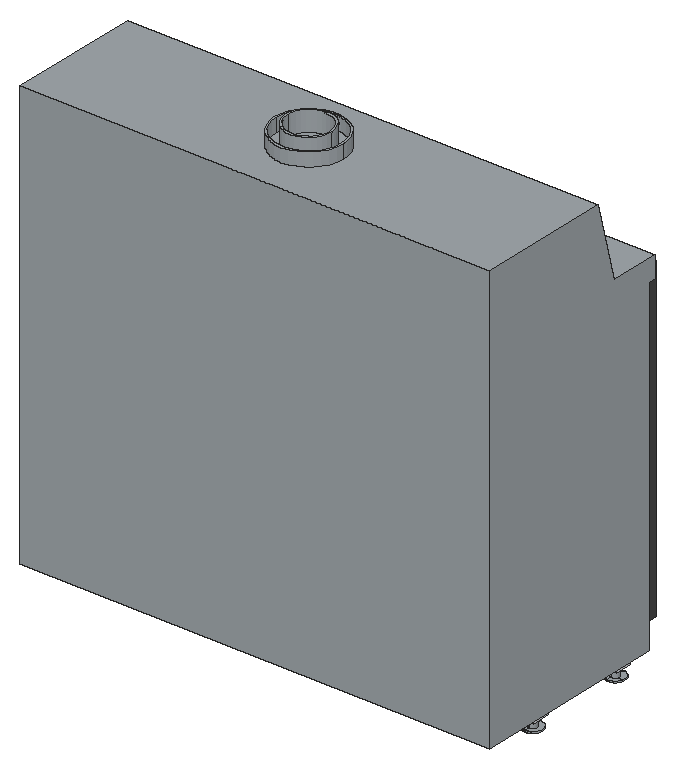
Revit family "METALFIRE_AVENUE_L_MF_GHE_1S", category Mechanical Equipment, host Wall, Revit 2017
Family settings
  Host = Wall
  Round Connector Dimension = Use Diameter
  Part Type = Normal
  OmniClass Number = 23.75.00.00
  OmniClass Title = Climate Control (HVAC)
  Always vertical = Yes
  Cut with Voids When Loaded = No
  Shared = No
  Room Calculation Point = Yes
Parameters (values of type "1300 x 950 mm")
  WIDTH = 1300 mm
  WEIGHT = 180.00 kg
  URL = "https://www.metalfire.eu"
  TECHNICAL SHEET = "https://www.metalfire.eu/en/products/gas-fireplaces/avenue"
  SMOKE EXHAUST = "Ø130/200 mm"
  PRODUCT SHEET = "https://www.archiproducts.com/en/products/metalfire/gas-closed-fireplace-avenue-gas-fireplace_457058"
  PRODUCT CODE = "L MF 1300-95 GHE 1S"
  OVERALL WIDTH = 1500 mm
  OVERALL HEIGHT = 1450 mm
  OVERALL DEPTH = 625 mm
  OUTPUT = 11.4 kW
  Model = "Avenue L"
  Manufacturer = "Metalfire"
  MATERIAL DESCRIPTION = "Iron, galvanized steel and vermiculite plates"
  HEIGHT = 950 mm
  FRAME MATERIAL = Iron - Metalfire
  FINISHING MATERIAL = Black painted vermiculite plates - Metalfire
  ENERGY EFFICIENCY CLASS = "B"
  EFFICIENCY = 80.00%
  Description = "The Avenue represents the gas-fired high efficiency closed fireplaces in the Metalfire range."
  BIM USER MANUAL = "https://img.edilportale.com/bim/METALFIRE-BIM-USER-MANUAL-Metalfire-bim.pdf"
  BIM BADGE = "https://bim.archiproducts.com/en/badge/bim-archiproducts-featured_658700/about"
  BIM AUTHOR = "https://bim.archiproducts.com"
Reference planes
  plane 1 "Wall": y = 0
  plane 2 "Center (Left/Right)": x = 0
  plane 3 "Back": y = 400
  plane 4: x = 650
  plane 5: x = -650
  plane 6: z = 121
  plane 7: z = 1071
Forms (mm)
  Extrusion 1, void
    sketch origin (0, 400, 0) x (1, 0, 0) y (0, 0, 1)
      loop
        line (660, 111) -> (660, 1081) -> (-660, 1081) -> (-660, 111) -> (660, 111)
    from 0 to 70
  Extrusion 2, solid, material "Iron - Metalfire" <- "FRAME MATERIAL", detail levels fine
    sketch origin (0, 381.083, 0) x (-1, 0, 0) y (0, -1, 0)
      loop
        circle (0, 472.299) r 100
      loop
        circle (0, 472.299) r 105
    from 1378 to 1418.8
  Extrusion 3, solid, material "Black painted vermiculite plates - Metalfire" <- "FINISHING MATERIAL", detail levels medium+fine
    sketch origin (1538.26, 300, 0) x (-1, 0, 0) y (0, 0, 1)
      loop
        line (878.26, 111) -> (2198.26, 111) -> (2198.26, 1081) -> (878.26, 1081) -> (878.26, 111)
      loop
        line (888.26, 121) -> (2188.26, 121) -> (2188.26, 1071) -> (888.26, 1071) -> (888.26, 121)
    from 100 to -435
  Extrusion 4, solid, material "Iron - Metalfire" <- "FRAME MATERIAL", detail levels fine
    sketch origin (0, 300, 0) x (0, -1, 0) y (0, 0, -1)
      loop
        line (-30, -1081) -> (-30, -1145) -> (125, -1145) -> (187.432, -1378) -> (595, -1378) -> (595, -78) -> (-7, -78) -> (-7, -1081) -> (-30, -1081)
    from 660 to 714
  Extrusion 5, solid, material "Clear Glass - Metalfire", detail levels medium+fine
    sketch origin (0, 300, 0) x (-1, 0, 0) y (0, 0, 1)
      loop
        line (-650, 121) -> (650, 121) -> (650, 1071) -> (-650, 1071) -> (-650, 121)
    from 2 to 7
  Extrusion 6, solid, material "Black painted vermiculite plates - Metalfire" <- "FINISHING MATERIAL", detail levels medium+fine
    sketch origin (0, 478, 0) x (-1, 0, 0) y (0, 0, 1)
      loop
        line (-650, 121) -> (650, 121) -> (650, 1071) -> (-650, 1071) -> (-650, 121)
    from -613 to -600
  Extrusion 7, solid, material "Iron - Metalfire" <- "FRAME MATERIAL", detail levels fine
    sketch origin (0, 381.083, 0) x (-1, 0, 0) y (0, -1, 0)
      loop
        circle (0, 472.299) r 65
      loop
        circle (0, 472.299) r 70
    from 1378 to 1438.8
  Revolve 8, solid, material "Iron - Metalfire" <- "FRAME MATERIAL", detail levels fine
    sketch origin (-641, -444.43, 1200) x (0, -1, 0) y (0, 0, 1)
      loop
        line (-714.93, -1200) -> (-684.93, -1200) -> (-684.93, -1197) -> (-702.93, -1197) -> (-702.93, -1184) -> (-706.93, -1184) -> (-706.93, -1122) -> (-714.93, -1122) -> (-714.93, -1200)
      axis (-714.93, -1122) -> (-714.93, -1200)
    angle from 0 to 360
  Revolve 9, solid, material "Iron - Metalfire" <- "FRAME MATERIAL", detail levels fine
    sketch origin (-641, -130.93, 1200) x (0, -1, 0) y (0, 0, 1)
      loop
        line (-87.93, -1200) -> (-57.93, -1200) -> (-57.93, -1197) -> (-75.93, -1197) -> (-75.93, -1184) -> (-79.93, -1184) -> (-79.93, -1122) -> (-87.93, -1122) -> (-87.93, -1200)
      axis (-87.93, -1122) -> (-87.93, -1200)
    angle from 0 to 360
  Revolve 10, solid, material "Iron - Metalfire" <- "FRAME MATERIAL", detail levels fine
    sketch origin (-641, -444.43, 1200) x (0, -1, 0) y (0, 0, 1)
      loop
        line (-714.93, -1200) -> (-684.93, -1200) -> (-684.93, -1197) -> (-702.93, -1197) -> (-702.93, -1184) -> (-706.93, -1184) -> (-706.93, -1122) -> (-714.93, -1122) -> (-714.93, -1200)
      axis (-714.93, -1122) -> (-714.93, -1200)
    angle from 0 to 360
  Revolve 11, solid, material "Iron - Metalfire" <- "FRAME MATERIAL", detail levels fine
    sketch origin (-641, -130.93, 1200) x (0, -1, 0) y (0, 0, 1)
      loop
        line (-87.93, -1200) -> (-57.93, -1200) -> (-57.93, -1197) -> (-75.93, -1197) -> (-75.93, -1184) -> (-79.93, -1184) -> (-79.93, -1122) -> (-87.93, -1122) -> (-87.93, -1200)
      axis (-87.93, -1122) -> (-87.93, -1200)
    angle from 0 to 360
  Extrusion 12, solid, detail levels fine
    sketch origin (-162, -200, 0) x (-1, 0, 0) y (0, 0, 1)
      loop
        line (457, 78) -> (454, 78) -> (454, 29.8) -> (504, 29.8) -> (504, 78) -> (501, 78) -> (501, 32.8) -> (457, 32.8) -> (457, 78)
    from 131 to 183
  Extrusion 13, solid, detail levels fine
    sketch origin (-162, 361, 0) x (-1, 0, 0) y (0, 0, -1)
      loop
        line (457, -78) -> (457, -32.8) -> (501, -32.8) -> (501, -78) -> (504, -78) -> (504, -29.8) -> (454, -29.8) -> (454, -78) -> (457, -78)
    from 64.5 to 116.5
  Revolve 14, solid, material "Iron - Metalfire" <- "FRAME MATERIAL", detail levels fine
    sketch origin (641, -444.43, 1200) x (0, -1, 0) y (0, 0, -1)
      loop
        line (-714.93, 1200) -> (-714.93, 1122) -> (-706.93, 1122) -> (-706.93, 1184) -> (-702.93, 1184) -> (-702.93, 1197) -> (-684.93, 1197) -> (-684.93, 1200) -> (-714.93, 1200)
      axis (-714.93, 1122) -> (-714.93, 1200)
    angle from 0 to 360
  Revolve 15, solid, material "Iron - Metalfire" <- "FRAME MATERIAL", detail levels fine
    sketch origin (641, -130.93, 1200) x (0, -1, 0) y (0, 0, -1)
      loop
        line (-87.93, 1200) -> (-87.93, 1122) -> (-79.93, 1122) -> (-79.93, 1184) -> (-75.93, 1184) -> (-75.93, 1197) -> (-57.93, 1197) -> (-57.93, 1200) -> (-87.93, 1200)
      axis (-87.93, 1122) -> (-87.93, 1200)
    angle from 0 to 360
  Revolve 16, solid, material "Iron - Metalfire" <- "FRAME MATERIAL", detail levels fine
    sketch origin (641, -444.43, 1200) x (0, -1, 0) y (0, 0, -1)
      loop
        line (-714.93, 1200) -> (-714.93, 1122) -> (-706.93, 1122) -> (-706.93, 1184) -> (-702.93, 1184) -> (-702.93, 1197) -> (-684.93, 1197) -> (-684.93, 1200) -> (-714.93, 1200)
      axis (-714.93, 1122) -> (-714.93, 1200)
    angle from 0 to 360
  Revolve 17, solid, material "Iron - Metalfire" <- "FRAME MATERIAL", detail levels fine
    sketch origin (641, -130.93, 1200) x (0, -1, 0) y (0, 0, -1)
      loop
        line (-87.93, 1200) -> (-87.93, 1122) -> (-79.93, 1122) -> (-79.93, 1184) -> (-75.93, 1184) -> (-75.93, 1197) -> (-57.93, 1197) -> (-57.93, 1200) -> (-87.93, 1200)
      axis (-87.93, 1122) -> (-87.93, 1200)
    angle from 0 to 360
  Extrusion 18, solid, detail levels fine
    sketch origin (162, -200, 0) x (1, 0, 0) y (0, 0, -1)
      loop
        line (457, -78) -> (457, -32.8) -> (501, -32.8) -> (501, -78) -> (504, -78) -> (504, -29.8) -> (454, -29.8) -> (454, -78) -> (457, -78)
    from 131 to 183
  Extrusion 19, solid, detail levels fine
    sketch origin (162, 361, 0) x (1, 0, 0) y (0, 0, 1)
      loop
        line (457, 78) -> (454, 78) -> (454, 29.8) -> (504, 29.8) -> (504, 78) -> (501, 78) -> (501, 32.8) -> (457, 32.8) -> (457, 78)
    from 64.5 to 116.5
  Revolve 20, solid, material "Iron - Metalfire" <- "FRAME MATERIAL", not visible, detail levels fine
    sketch origin (-435, -544.43, 1200) x (0, -1, 0) y (0, 0, 1)
      loop
        line (-714.93, -1200) -> (-684.93, -1200) -> (-684.93, -1197) -> (-702.93, -1197) -> (-702.93, -1184) -> (-706.93, -1184) -> (-706.93, -1122) -> (-714.93, -1122) -> (-714.93, -1200)
      axis (-714.93, -1122) -> (-714.93, -1200)
    angle from 0 to 360
  Revolve 21, solid, material "Iron - Metalfire" <- "FRAME MATERIAL", not visible, detail levels fine
    sketch origin (-435, -230.93, 1200) x (0, -1, 0) y (0, 0, 1)
      loop
        line (-87.93, -1200) -> (-57.93, -1200) -> (-57.93, -1197) -> (-75.93, -1197) -> (-75.93, -1184) -> (-79.93, -1184) -> (-79.93, -1122) -> (-87.93, -1122) -> (-87.93, -1200)
      axis (-87.93, -1122) -> (-87.93, -1200)
    angle from 0 to 360
  Revolve 22, solid, material "Iron - Metalfire" <- "FRAME MATERIAL", not visible, detail levels fine
    sketch origin (-435, -544.43, 1200) x (0, -1, 0) y (0, 0, 1)
      loop
        line (-714.93, -1200) -> (-684.93, -1200) -> (-684.93, -1197) -> (-702.93, -1197) -> (-702.93, -1184) -> (-706.93, -1184) -> (-706.93, -1122) -> (-714.93, -1122) -> (-714.93, -1200)
      axis (-714.93, -1122) -> (-714.93, -1200)
    angle from 0 to 360
  Revolve 23, solid, material "Iron - Metalfire" <- "FRAME MATERIAL", not visible, detail levels fine
    sketch origin (-435, -230.93, 1200) x (0, -1, 0) y (0, 0, 1)
      loop
        line (-87.93, -1200) -> (-57.93, -1200) -> (-57.93, -1197) -> (-75.93, -1197) -> (-75.93, -1184) -> (-79.93, -1184) -> (-79.93, -1122) -> (-87.93, -1122) -> (-87.93, -1200)
      axis (-87.93, -1122) -> (-87.93, -1200)
    angle from 0 to 360
  Extrusion 24, solid, not visible, detail levels fine
    sketch origin (44, -300, 0) x (-1, 0, 0) y (0, 0, 1)
      loop
        line (457, 78) -> (454, 78) -> (454, 29.8) -> (504, 29.8) -> (504, 78) -> (501, 78) -> (501, 32.8) -> (457, 32.8) -> (457, 78)
    from 131 to 183
  Extrusion 25, solid, not visible, detail levels fine
    sketch origin (44, 261, 0) x (-1, 0, 0) y (0, 0, -1)
      loop
        line (457, -78) -> (457, -32.8) -> (501, -32.8) -> (501, -78) -> (504, -78) -> (504, -29.8) -> (454, -29.8) -> (454, -78) -> (457, -78)
    from 64.5 to 116.5
  Revolve 26, solid, material "Iron - Metalfire" <- "FRAME MATERIAL", not visible, detail levels fine
    sketch origin (447, -544.43, 1200) x (0, -1, 0) y (0, 0, -1)
      loop
        line (-714.93, 1200) -> (-714.93, 1122) -> (-706.93, 1122) -> (-706.93, 1184) -> (-702.93, 1184) -> (-702.93, 1197) -> (-684.93, 1197) -> (-684.93, 1200) -> (-714.93, 1200)
      axis (-714.93, 1122) -> (-714.93, 1200)
    angle from 0 to 360
  Revolve 27, solid, material "Iron - Metalfire" <- "FRAME MATERIAL", not visible, detail levels fine
    sketch origin (447, -230.93, 1200) x (0, -1, 0) y (0, 0, -1)
      loop
        line (-87.93, 1200) -> (-87.93, 1122) -> (-79.93, 1122) -> (-79.93, 1184) -> (-75.93, 1184) -> (-75.93, 1197) -> (-57.93, 1197) -> (-57.93, 1200) -> (-87.93, 1200)
      axis (-87.93, 1122) -> (-87.93, 1200)
    angle from 0 to 360
  Revolve 28, solid, material "Iron - Metalfire" <- "FRAME MATERIAL", not visible, detail levels fine
    sketch origin (447, -544.43, 1200) x (0, -1, 0) y (0, 0, -1)
      loop
        line (-714.93, 1200) -> (-714.93, 1122) -> (-706.93, 1122) -> (-706.93, 1184) -> (-702.93, 1184) -> (-702.93, 1197) -> (-684.93, 1197) -> (-684.93, 1200) -> (-714.93, 1200)
      axis (-714.93, 1122) -> (-714.93, 1200)
    angle from 0 to 360
  Revolve 29, solid, material "Iron - Metalfire" <- "FRAME MATERIAL", not visible, detail levels fine
    sketch origin (447, -230.93, 1200) x (0, -1, 0) y (0, 0, -1)
      loop
        line (-87.93, 1200) -> (-87.93, 1122) -> (-79.93, 1122) -> (-79.93, 1184) -> (-75.93, 1184) -> (-75.93, 1197) -> (-57.93, 1197) -> (-57.93, 1200) -> (-87.93, 1200)
      axis (-87.93, 1122) -> (-87.93, 1200)
    angle from 0 to 360
  Extrusion 30, solid, not visible, detail levels fine
    sketch origin (-32, -300, 0) x (1, 0, 0) y (0, 0, -1)
      loop
        line (457, -78) -> (457, -32.8) -> (501, -32.8) -> (501, -78) -> (504, -78) -> (504, -29.8) -> (454, -29.8) -> (454, -78) -> (457, -78)
    from 131 to 183
  Extrusion 31, solid, not visible, detail levels fine
    sketch origin (-32, 261, 0) x (1, 0, 0) y (0, 0, 1)
      loop
        line (457, 78) -> (454, 78) -> (454, 29.8) -> (504, 29.8) -> (504, 78) -> (501, 78) -> (501, 32.8) -> (457, 32.8) -> (457, 78)
    from 64.5 to 116.5
  Extrusion 32, void
    sketch origin (0, 0, 0) x (0, 1, 0) y (0, 0, 1)
      loop
        line (-295, 1418.8) -> (-295, 0) -> (330, 0) -> (330, 1418.8) -> (-295, 1418.8)
    from -714 to 714
  Extrusion 33, solid, material "Iron - Metalfire" <- "FRAME MATERIAL", detail levels fine
    sketch origin (0, 300, 0) x (0, -1, 0) y (0, 0, 1)
      loop
        line (-30, 1081) -> (-7, 1081) -> (-7, 78) -> (595, 78) -> (595, 1378) -> (187.432, 1378) -> (125, 1145) -> (-30, 1145) -> (-30, 1081)
    from 660 to 714
  Extrusion 34, solid, material "Iron - Metalfire" <- "FRAME MATERIAL", detail levels fine
    sketch origin (0, 0, 0) x (0, 1, 0) y (0, 0, 1)
      loop
        line (112.568, 1378) -> (-295, 1378) -> (-295, 78) -> (307, 78) -> (307, 111) -> (-135, 111) -> (-135, 1081) -> (330, 1081) -> (330, 1145) -> (175, 1145) -> (112.568, 1378)
    from -660 to 660
Cuts and joins
  joined: Extrusion 4, Extrusion 33, Extrusion 34
Text (mm)
  text "Placement side" at (-1820.995, 1116.779, 0), in view "Ref. Level"
  text "Placement side" at (0, 1334.055, 2976.191), in view "Left"
  text "Placement side" at (0, 439.194, 2944.362), in view "Right"
Dimensions and locks
  locked: plane 3 "Back" to host wall
  equal spacing: plane 5, plane 2 "Center (Left/Right)", plane 4
  "WIDTH": plane 5 to plane 4
  locked: level to plane 6 at 121
  "HEIGHT": plane 6 to plane 7
  plane 7 to Extrusion 2 = 347.8 mm
  locked: Extrusion 4 sketch curve to plane 7 at 10
  locked: Extrusion 19 to plane 4 at 16
  locked: plane 5 to Extrusion 13 at 16
  Extrusion 3 to plane 3 "Back" = 535 mm
  Extrusion 6 to Extrusion 6 to Extrusion 5 to Extrusion 5 to plane 3 "Back" = 13 mm, 424 mm, 5 mm locked, 93 mm
  locked: Extrusion 13 to plane 3 "Back" at 103.5
  locked: Extrusion 19 to plane 3 "Back" at 103.5
  locked: Extrusion 4 to plane 4 at 64
  locked: Extrusion 2 sketch curve to plane 3 "Back" at 491.216
  locked: Extrusion 7 sketch curve to plane 3 "Back" at 491.216
  locked: Extrusion 33 to plane 5 at 64
  locked: Extrusion 2 to plane 7 at 347.8
  locked: Extrusion 7 to plane 7 at 367.8
  Extrusion 4 sketch curve to Extrusion 4 sketch curve to plane 3 "Back" = 62.432 mm locked, 225 mm locked
  locked: Extrusion 4 sketch curve to plane 3 "Back" at 695
  locked: Extrusion 3 to plane 3 "Back" at 535
  locked: Extrusion 3 to Extrusion 6 at 13
  locked: Extrusion 4 sketch curve to plane 3 "Back" at 93
  aligned and locked: plane 1 "Wall" to host wall
  aligned and locked: Extrusion 1 to plane 3 "Back"
  aligned and locked: Extrusion 3 to Extrusion 1
  aligned and locked: Extrusion 1 to Extrusion 3
  aligned and locked: plane 7 to Extrusion 3 sketch curve
  aligned and locked: plane 4 to Extrusion 3 sketch curve
  aligned and locked: Extrusion 3 sketch curve to plane 6
  aligned and locked: Extrusion 3 sketch curve to plane 5
  aligned and locked: plane 7 to Extrusion 5 sketch curve
  aligned and locked: plane 4 to Extrusion 5 sketch curve
  aligned and locked: Extrusion 5 sketch curve to plane 6
  aligned and locked: Extrusion 5 sketch curve to plane 5
  aligned and locked: plane 4 to Extrusion 6
  aligned and locked: Extrusion 6 to plane 5
  aligned and locked: plane 7 to Extrusion 6
  aligned and locked: Extrusion 6 sketch curve to plane 6
  aligned and locked: Extrusion 2 to Extrusion 7
  aligned and locked: Extrusion 3 to plane 3 "Back"
  aligned and locked: Extrusion 32 sketch curve to Extrusion 2
  aligned and locked: Extrusion 33 to Extrusion 3
  aligned and locked: Extrusion 4 to Extrusion 3
  aligned and locked: Extrusion 3 to Extrusion 6
  aligned and locked: Extrusion 7 to cut or joined group of Extrusion 4, Extrusion 33, Extrusion 34
  aligned and locked: nested 1 to cut or joined group of Extrusion 4, Extrusion 33, Extrusion 34  (x4)
  aligned and locked: cut or joined group of Extrusion 4, Extrusion 33, Extrusion 34 to cut or joined group of Extrusion 4, Extrusion 33, Extrusion 34
  aligned and locked: Extrusion 33 sketch curve to cut or joined group of Extrusion 4, Extrusion 33, Extrusion 34  (x4)
  aligned and locked: Extrusion 32 to cut or joined group of Extrusion 4, Extrusion 33, Extrusion 34
  aligned and locked: cut or joined group of Extrusion 4, Extrusion 33, Extrusion 34 to Extrusion 5
  aligned and locked: Extrusion 34 sketch curve to cut or joined group of Extrusion 4, Extrusion 33, Extrusion 34  (x7)
  aligned and locked: Extrusion 3 to Extrusion 34 sketch curve
  aligned and locked: Extrusion 34 sketch curve to Extrusion 3  (x2)
  aligned and locked: Extrusion 3 to Extrusion 34
  aligned and locked: Extrusion 34 to Extrusion 3
Automatic sketch dimensions
  Revolve 8 sketch curve to Revolve 8 sketch curve = 8 mm
  Revolve 8 sketch curve to Revolve 8 sketch curve = 4 mm
  Revolve 8 sketch curve to Revolve 8 sketch curve = 18 mm
  Revolve 8 sketch curve to Revolve 8 sketch curve = 13 mm
  Revolve 8 sketch curve to Revolve 8 sketch curve = 0 mm
  Revolve 9 sketch curve to Revolve 9 sketch curve = 8 mm
  Revolve 9 sketch curve to Revolve 9 sketch curve = 4 mm
  Revolve 9 sketch curve to Revolve 9 sketch curve = 18 mm
  Revolve 9 sketch curve to Revolve 9 sketch curve = 13 mm
  Revolve 9 sketch curve to Revolve 9 sketch curve = 0 mm
  Revolve 10 sketch curve to Revolve 10 sketch curve = 8 mm
  Revolve 10 sketch curve to Revolve 10 sketch curve = 4 mm
  Revolve 10 sketch curve to Revolve 10 sketch curve = 18 mm
  Revolve 10 sketch curve to Revolve 10 sketch curve = 13 mm
  Revolve 10 sketch curve to Revolve 10 sketch curve = 0 mm
  Revolve 11 sketch curve to Revolve 11 sketch curve = 8 mm
  Revolve 11 sketch curve to Revolve 11 sketch curve = 4 mm
  Revolve 11 sketch curve to Revolve 11 sketch curve = 18 mm
  Revolve 11 sketch curve to Revolve 11 sketch curve = 13 mm
  Revolve 11 sketch curve to Revolve 11 sketch curve = 0 mm
  Extrusion 12 sketch curve to Extrusion 12 sketch curve = 3 mm  (x3)
  Extrusion 13 sketch curve to Extrusion 13 sketch curve = 3 mm  (x3)
  Revolve 14 sketch curve to Revolve 14 sketch curve = 8 mm
  Revolve 14 sketch curve to Revolve 14 sketch curve = 4 mm
  Revolve 14 sketch curve to Revolve 14 sketch curve = 18 mm
  Revolve 14 sketch curve to Revolve 14 sketch curve = 13 mm
  Revolve 14 sketch curve to Revolve 14 sketch curve = 0 mm
  Revolve 14 sketch curve to Revolve 14 sketch curve = 38.099 mm
  Revolve 15 sketch curve to Revolve 15 sketch curve = 8 mm
  Revolve 15 sketch curve to Revolve 15 sketch curve = 4 mm
  Revolve 15 sketch curve to Revolve 15 sketch curve = 18 mm
  Revolve 15 sketch curve to Revolve 15 sketch curve = 13 mm
  Revolve 15 sketch curve to Revolve 15 sketch curve = 0 mm
  Revolve 15 sketch curve to Revolve 15 sketch curve = 38.099 mm
  Revolve 16 sketch curve to Revolve 16 sketch curve = 8 mm
  Revolve 16 sketch curve to Revolve 16 sketch curve = 4 mm
  Revolve 16 sketch curve to Revolve 16 sketch curve = 18 mm
  Revolve 16 sketch curve to Revolve 16 sketch curve = 13 mm
  Revolve 16 sketch curve to Revolve 16 sketch curve = 0 mm
  Revolve 16 sketch curve to Revolve 16 sketch curve = 38.099 mm
  Revolve 17 sketch curve to Revolve 17 sketch curve = 8 mm
  Revolve 17 sketch curve to Revolve 17 sketch curve = 4 mm
  Revolve 17 sketch curve to Revolve 17 sketch curve = 18 mm
  Revolve 17 sketch curve to Revolve 17 sketch curve = 13 mm
  Revolve 17 sketch curve to Revolve 17 sketch curve = 0 mm
  Revolve 17 sketch curve to Revolve 17 sketch curve = 38.099 mm
  Extrusion 18 sketch curve to Extrusion 18 sketch curve = 3 mm  (x3)
  Extrusion 19 sketch curve to Extrusion 19 sketch curve = 3 mm  (x3)
  Revolve 8 sketch curve to Revolve 8 sketch curve = 3 mm
  Revolve 8 sketch curve to Revolve 8 sketch curve = 62 mm
  Revolve 8 sketch curve to Revolve 8 sketch curve = 38.099 mm
  Revolve 8 sketch curve to Revolve 8 sketch curve = 58.901 mm
  Revolve 9 sketch curve to Revolve 9 sketch curve = 3 mm
  Revolve 9 sketch curve to Revolve 9 sketch curve = 62 mm
  Revolve 9 sketch curve to Revolve 9 sketch curve = 38.099 mm
  Revolve 9 sketch curve to Revolve 9 sketch curve = 58.901 mm
  Revolve 10 sketch curve to Revolve 10 sketch curve = 3 mm
  Revolve 10 sketch curve to Revolve 10 sketch curve = 62 mm
  Revolve 10 sketch curve to Revolve 10 sketch curve = 38.099 mm
  Revolve 10 sketch curve to Revolve 10 sketch curve = 58.901 mm
  Revolve 11 sketch curve to Revolve 11 sketch curve = 3 mm
  Revolve 11 sketch curve to Revolve 11 sketch curve = 62 mm
  Revolve 11 sketch curve to Revolve 11 sketch curve = 38.099 mm
  Revolve 11 sketch curve to Revolve 11 sketch curve = 58.901 mm
  Extrusion 12 sketch curve to Extrusion 12 sketch curve = 44 mm
  Extrusion 12 sketch curve to Extrusion 12 sketch curve = 45.2 mm  (x2)
  Extrusion 13 sketch curve to Extrusion 13 sketch curve = 44 mm
  Extrusion 13 sketch curve to Extrusion 13 sketch curve = 0 mm
  Extrusion 13 sketch curve to Extrusion 13 sketch curve = 45.2 mm
  Revolve 14 sketch curve to Revolve 14 sketch curve = 62 mm
  Revolve 14 sketch curve to Revolve 14 sketch curve = 3 mm
  Revolve 14 sketch curve to Revolve 14 sketch curve = 58.901 mm
  Revolve 15 sketch curve to Revolve 15 sketch curve = 62 mm
  Revolve 15 sketch curve to Revolve 15 sketch curve = 3 mm
  Revolve 15 sketch curve to Revolve 15 sketch curve = 58.901 mm
  Revolve 16 sketch curve to Revolve 16 sketch curve = 62 mm
  Revolve 16 sketch curve to Revolve 16 sketch curve = 3 mm
  Revolve 16 sketch curve to Revolve 16 sketch curve = 58.901 mm
  Revolve 17 sketch curve to Revolve 17 sketch curve = 62 mm
  Revolve 17 sketch curve to Revolve 17 sketch curve = 3 mm
  Revolve 17 sketch curve to Revolve 17 sketch curve = 58.901 mm
  Extrusion 18 sketch curve to Extrusion 18 sketch curve = 44 mm
  Extrusion 18 sketch curve to Extrusion 18 sketch curve = 0 mm
  Extrusion 18 sketch curve to Extrusion 18 sketch curve = 45.2 mm
  Extrusion 19 sketch curve to Extrusion 19 sketch curve = 44 mm
  Extrusion 19 sketch curve to Extrusion 19 sketch curve = 45.2 mm  (x2)
  Revolve 20 sketch curve to Revolve 20 sketch curve = 8 mm
  Revolve 20 sketch curve to Revolve 20 sketch curve = 4 mm
  Revolve 20 sketch curve to Revolve 20 sketch curve = 18 mm
  Revolve 20 sketch curve to Revolve 20 sketch curve = 13 mm
  Revolve 20 sketch curve to Revolve 20 sketch curve = 0 mm
  Revolve 21 sketch curve to Revolve 21 sketch curve = 8 mm
  Revolve 21 sketch curve to Revolve 21 sketch curve = 4 mm
  Revolve 21 sketch curve to Revolve 21 sketch curve = 18 mm
  Revolve 21 sketch curve to Revolve 21 sketch curve = 13 mm
  Revolve 21 sketch curve to Revolve 21 sketch curve = 0 mm
  Revolve 22 sketch curve to Revolve 22 sketch curve = 8 mm
  Revolve 22 sketch curve to Revolve 22 sketch curve = 4 mm
  Revolve 22 sketch curve to Revolve 22 sketch curve = 18 mm
  Revolve 22 sketch curve to Revolve 22 sketch curve = 13 mm
  Revolve 22 sketch curve to Revolve 22 sketch curve = 0 mm
  Revolve 23 sketch curve to Revolve 23 sketch curve = 8 mm
  Revolve 23 sketch curve to Revolve 23 sketch curve = 4 mm
  Revolve 23 sketch curve to Revolve 23 sketch curve = 18 mm
  Revolve 23 sketch curve to Revolve 23 sketch curve = 13 mm
  Revolve 23 sketch curve to Revolve 23 sketch curve = 0 mm
  Extrusion 24 sketch curve to Extrusion 24 sketch curve = 3 mm  (x3)
  Extrusion 25 sketch curve to Extrusion 25 sketch curve = 3 mm  (x3)
  Revolve 20 sketch curve to Revolve 20 sketch curve = 3 mm
  Revolve 20 sketch curve to Revolve 20 sketch curve = 62 mm
  Revolve 20 sketch curve to Revolve 20 sketch curve = 38.099 mm
  Revolve 20 sketch curve to Revolve 20 sketch curve = 58.901 mm
  Revolve 21 sketch curve to Revolve 21 sketch curve = 3 mm
  Revolve 21 sketch curve to Revolve 21 sketch curve = 62 mm
  Revolve 21 sketch curve to Revolve 21 sketch curve = 38.099 mm
  Revolve 21 sketch curve to Revolve 21 sketch curve = 58.901 mm
  Revolve 22 sketch curve to Revolve 22 sketch curve = 3 mm
  Revolve 22 sketch curve to Revolve 22 sketch curve = 62 mm
  Revolve 22 sketch curve to Revolve 22 sketch curve = 38.099 mm
  Revolve 22 sketch curve to Revolve 22 sketch curve = 58.901 mm
  Revolve 23 sketch curve to Revolve 23 sketch curve = 3 mm
  Revolve 23 sketch curve to Revolve 23 sketch curve = 62 mm
  Revolve 23 sketch curve to Revolve 23 sketch curve = 38.099 mm
  Revolve 23 sketch curve to Revolve 23 sketch curve = 58.901 mm
  Extrusion 24 sketch curve to Extrusion 24 sketch curve = 44 mm
  Extrusion 24 sketch curve to Extrusion 24 sketch curve = 45.2 mm  (x2)
  Extrusion 25 sketch curve to Extrusion 25 sketch curve = 44 mm
  Extrusion 25 sketch curve to Extrusion 25 sketch curve = 0 mm
  Extrusion 25 sketch curve to Extrusion 25 sketch curve = 45.2 mm
  Revolve 26 sketch curve to Revolve 26 sketch curve = 8 mm
  Revolve 26 sketch curve to Revolve 26 sketch curve = 4 mm
  Revolve 26 sketch curve to Revolve 26 sketch curve = 18 mm
  Revolve 26 sketch curve to Revolve 26 sketch curve = 13 mm
  Revolve 26 sketch curve to Revolve 26 sketch curve = 0 mm
  Revolve 26 sketch curve to Revolve 26 sketch curve = 38.099 mm
  Revolve 27 sketch curve to Revolve 27 sketch curve = 8 mm
  Revolve 27 sketch curve to Revolve 27 sketch curve = 4 mm
  Revolve 27 sketch curve to Revolve 27 sketch curve = 18 mm
  Revolve 27 sketch curve to Revolve 27 sketch curve = 13 mm
  Revolve 27 sketch curve to Revolve 27 sketch curve = 0 mm
  Revolve 27 sketch curve to Revolve 27 sketch curve = 38.099 mm
  Revolve 28 sketch curve to Revolve 28 sketch curve = 8 mm
  Revolve 28 sketch curve to Revolve 28 sketch curve = 4 mm
  Revolve 28 sketch curve to Revolve 28 sketch curve = 18 mm
  Revolve 28 sketch curve to Revolve 28 sketch curve = 13 mm
  Revolve 28 sketch curve to Revolve 28 sketch curve = 0 mm
  Revolve 28 sketch curve to Revolve 28 sketch curve = 38.099 mm
  Revolve 29 sketch curve to Revolve 29 sketch curve = 8 mm
  Revolve 29 sketch curve to Revolve 29 sketch curve = 4 mm
  Revolve 29 sketch curve to Revolve 29 sketch curve = 18 mm
  Revolve 29 sketch curve to Revolve 29 sketch curve = 13 mm
  Revolve 29 sketch curve to Revolve 29 sketch curve = 0 mm
  Revolve 29 sketch curve to Revolve 29 sketch curve = 38.099 mm
  Extrusion 30 sketch curve to Extrusion 30 sketch curve = 3 mm  (x3)
  Extrusion 31 sketch curve to Extrusion 31 sketch curve = 3 mm  (x3)
  Revolve 26 sketch curve to Revolve 26 sketch curve = 62 mm
  Revolve 26 sketch curve to Revolve 26 sketch curve = 3 mm
  Revolve 26 sketch curve to Revolve 26 sketch curve = 58.901 mm
  Revolve 27 sketch curve to Revolve 27 sketch curve = 62 mm
  Revolve 27 sketch curve to Revolve 27 sketch curve = 3 mm
  Revolve 27 sketch curve to Revolve 27 sketch curve = 58.901 mm
  Revolve 28 sketch curve to Revolve 28 sketch curve = 62 mm
  Revolve 28 sketch curve to Revolve 28 sketch curve = 3 mm
  Revolve 28 sketch curve to Revolve 28 sketch curve = 58.901 mm
  Revolve 29 sketch curve to Revolve 29 sketch curve = 62 mm
  Revolve 29 sketch curve to Revolve 29 sketch curve = 3 mm
  Revolve 29 sketch curve to Revolve 29 sketch curve = 58.901 mm
  Extrusion 30 sketch curve to Extrusion 30 sketch curve = 44 mm
  Extrusion 30 sketch curve to Extrusion 30 sketch curve = 0 mm
  Extrusion 30 sketch curve to Extrusion 30 sketch curve = 45.2 mm
  Extrusion 31 sketch curve to Extrusion 31 sketch curve = 44 mm
  Extrusion 31 sketch curve to Extrusion 31 sketch curve = 45.2 mm  (x2)
  Extrusion 1 sketch curve to plane 5 = 10 mm
  plane 4 to Extrusion 1 sketch curve = 10 mm
  Extrusion 1 sketch curve to plane 6 = 10 mm
  plane 7 to Extrusion 1 sketch curve = 10 mm
  plane 4 to Extrusion 3 sketch curve = 10 mm
  Extrusion 3 sketch curve to plane 5 = 10 mm
  Extrusion 3 sketch curve to plane 6 = 10 mm
  plane 7 to Extrusion 3 sketch curve = 10 mm
  Extrusion 6 sketch curve to plane 4 = 0 mm
  Extrusion 6 sketch curve to plane 5 = 0 mm
  Extrusion 6 sketch curve to plane 7 = 0 mm
  Extrusion 32 sketch curve to level = 0 mm
  Extrusion 32 sketch curve to host wall = 105 mm
  Extrusion 32 sketch curve to host wall = 70 mm
  plane 7 to Extrusion 33 sketch curve = 10 mm
  Extrusion 33 sketch curve to plane 6 = 43 mm
  plane 7 to Extrusion 33 sketch curve = 74 mm
  Extrusion 2 sketch curve to Extrusion 2 sketch curve = 0 mm  (x2)
  Extrusion 2 sketch curve to plane 2 "Center (Left/Right)" = 0 mm
  Extrusion 7 sketch curve to Extrusion 7 sketch curve = 0 mm  (x2)
  Extrusion 7 sketch curve to plane 2 "Center (Left/Right)" = 0 mm
  Extrusion 4 sketch curve to host wall = 70 mm
  Extrusion 4 sketch curve to plane 6 = 43 mm
  Extrusion 4 sketch curve to Extrusion 4 sketch curve = 64 mm
  Extrusion 4 sketch curve to Extrusion 4 sketch curve = 233 mm
  Extrusion 33 sketch curve to Extrusion 33 sketch curve = 233 mm
  radius of Extrusion 2 sketch curve = 100 mm
  radius of Extrusion 2 sketch curve = 105 mm
  radius of Extrusion 7 sketch curve = 65 mm
  radius of Extrusion 7 sketch curve = 70 mm
Nested families
  nested 1: "FIREPLACE_SYMBOL_detail item" at (0, 17.5, 0), type "FIREPLACE_SYMBOL_detail item", detail levels coarse
    with WIDTH 1428 mm, HEIGHT 625 mm
Connectors
  piping at (0, -91.216, 1438.8), diameter 130
    settings: on Extrusion 7, index 1, connector inside diameter 609.6 mm, connector length 0 mm, flow factor 0, pipe flow 0.0 L/s, pressure drop 0.0 Pa, fitting loss kfactor 0, connector angle 0.00°, fixture units 0, engagement length 0 mm, angle of deflection 0.00°, flow configuration 0, flow direction 2, fitting loss method 0, system type 22, joint type 0, gender type 0, connector reference index -1, connector utility 0, adjustable connector no, is connector primary yes, connector description ""
Definition of nested family "FIREPLACE_SYMBOL_detail item"
  Parameters (values of type "FIREPLACE_SYMBOL_detail item")
    WIDTH [instance] = 500 mm
    HEIGHT [instance] = 500 mm
  Reference planes
    plane 1 "Center (Front/Back)": y = 0
    plane 2: z = 0
    plane 3 "Center (Left/Right)": x = 0
    plane 4: x = 250
    plane 5: x = -250
    plane 6: y = 250
    plane 7: y = -250
  Lines and regions (mm)
    Filled region 1, type "Concrete", in view "Ref. Level"
      outline origin (-246.617, 90, 0) x (1, 0, 0) y (0, 1, 0)
        loop
          line (-3.383, -340) -> (496.617, -340) -> (496.617, 160) -> (-3.383, -340)
    detail lines, in view "Ref. Level"
      curve 1: line (-250, 250, 0) -> (250, 250, 0)
      curve 2: line (-250, -250, 0) -> (-250, 250, 0)
      curve 3: line (250, -250, 0) -> (-250, -250, 0)
      curve 4: line (250, 250, 0) -> (250, -250, 0)
  Dimensions and locks
    equal spacing: plane 5, plane 3 "Center (Left/Right)", plane 4
    equal spacing: plane 7, plane 1 "Center (Front/Back)", plane 6
    "WIDTH": plane 5 to plane 4
    "HEIGHT": plane 7 to plane 6
    aligned and locked: plane 6 to curve 1
    aligned and locked: plane 5 to curve 2
    aligned and locked: curve 3 to plane 7
    aligned and locked: curve 4 to plane 4
    aligned and locked: plane 6 to Filled region 1 sketch curve
    aligned and locked: plane 5 to Filled region 1 sketch curve
    aligned and locked: Filled region 1 sketch curve to plane 4
    aligned and locked: plane 7 to Filled region 1 sketch curve
